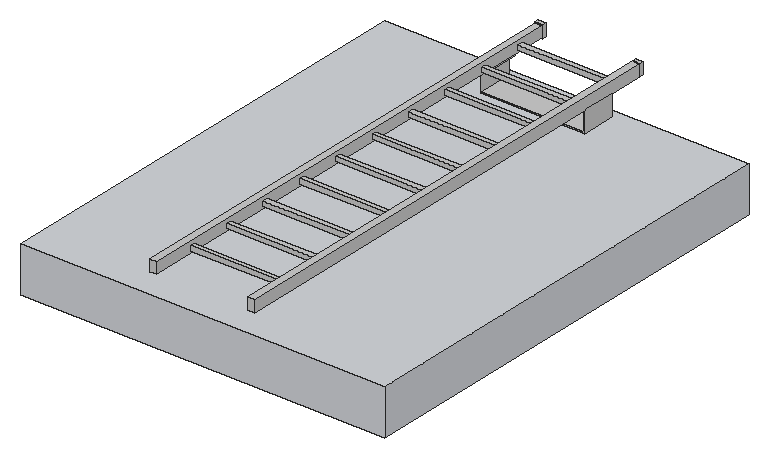
Revit family
Parameters (values of type "24in Width")
  numrungcalcd [instance] = if(FF to Top of Decking - Ladder Base Offset - ((numrungcalcc - 1) * 1' 0") > 1' 2", numrungcalcc + 1, numrungcalcc)  # 10
  numrungcalcc [instance] = (FF to Top of Decking - Ladder Base Offset) / 1' 0"  # 10
  numrungcalca [instance] = FF to Top of Decking - Ladder Base Offset - ((numrungcalcc - 1) * 1' 0")  # 1' - 0"
  Warranty Duration (Years) = 0
  Unit Width_Outside Frame [instance] = if(1 = 1, Unit Width + (0' 1 3/4" * 2), 0' 0")  # 2' - 3 1/2"
  Unit Width = 2' - 0"
  Unit Height [instance] = FF to Top of Decking + 0' 8" - Ladder Base Offset  # 10' - 8"
  URL = "http://www.okeeffes.com/"
  Top Decking to Top Bracket CL [instance] = 0' - 6 5/8"  # constant formula
  Test Data = ""
  Standards Conformance = "OSHA 1910.27"
  Specification = ""
  SpecWizard = ""
  Send Message = ""
  Sales Information = "http://www.okeeffes.com/contact-us.php"
  Revision = "R1_2015-11"
  Projection from Host [instance] = 0' - 7"
  Product Properties = ""
  Product Data = "http://www.arcat.com/arcatcos/cos34/arc34555.html"
  Number of Rungs [instance] = numrungcalcd  # 10
  Model = "Model 501"
  Manufacturer Website = "http://www.okeeffes.com/"
  Manufacturer Phone - Toll Free = "888-653-3333"
  Manufacturer Phone = "415-822-4222"
  Manufacturer Fax = "415-822-5222"
  Manufacturer Address = "100 N. Hill Dr.   Suite 12   Brisbane, CA 94005"
  Manufacturer = "O'Keeffe's, Inc"
  Maintenance Schedule (Months) = 0
  Ladder_Off Floor Mounted [instance] = not(Ladder_Floor Mounted)  # no
  Ladder_Floor Mounted [instance] = yes
  Ladder Base Offset [instance] = if(Ladder_Floor Mounted, 0' 0", 0' 4")  # 0' - 0"
  Keynote = "05515"
  Installation-Fabrication = ""
  Installation Phase = ""
  Include Security Door [instance] = no
  Green Building-LEED = ""
  Frame Finish [instance] = Metal - Aluminum - O'Keeffe's - Standard Mill
  FF to Top of Decking [instance] = 10' - 0"
  FF to Bottom Rung CL [instance] = FF to Top of Decking - ((Number of Rungs - 1) * 1' 0") - 0' 0 5/8"  # 0' - 11 3/8"
  FF to Bottom Bracket CL [instance] = 0' - 11"
  Expected Lifespan (Years) = 0
  Drawn By = "Sumex Design, Inc. / Robert S. Weygant, CSI, CDT, SCIP"
  Description = "O'Keeffe's Model 501 Access Ladder - 24in Width as Specified"
  Default Elevation = 0' - 0"
  Copyright = "©Arcat Inc."
  Construction Details = ""
  Capacity = "1500 lbs per Rung"
  Building Codes = ""
  Available Options [instance] = "[Intermediate Brackets][Extended Intermediate Brackets][Fall Arrest System][Safety Post for Roof Hatch]"
  Assembly Code = "B1010700"
Types (2): name | Unit Width_Outside Frame | Unit Width | Description
  24in Width | 2' - 3 1/2" | 2' - 0" | "O'Keeffe's Model 501 Access Ladder - 24in Width as Specified"
  18.375in Width | 1' - 9 7/8" | 1' - 6 3/8" | "O'Keeffe's Model 501 Access Ladder - 18.375in Width as Specified"
Reference planes (in)
  plane 1 "SecDoor": y = 47.5395
  plane 2: z = 0
  plane 3 "Center (Left/Right)": x = 0
  plane 4: x = -12
  plane 5: x = 12
  plane 6 "Ladder CL": z = 7
  plane 7 "FF": y = -46.4605
  plane 8 "Deck Level": y = 73.5395
  plane 9: y = 81.5395
  plane 10: y = -46.4605
  plane 11: y = 72.9145
  plane 12: y = 66.9145
  plane 13: y = -35.4605
Forms (in)
  Extrusion 1, solid
    sketch origin (0, 0, 0) x (1, 0, 0) y (0, 1, 0)
      loop
        line (-48, 73.5395) -> (-48, -46.4605) -> (48, -46.4605) -> (48, 73.5395) -> (-48, 73.5395)
    from 0 to -12
  Extrusion 2, solid, material "Metal - Aluminum - O'Keeffe's - Standard Mill" <- "Frame Finish"
    sketch origin (0, 47.5395, 0) x (1, 0, 0) y (0, 0, 1)
      loop
        line (-12, 5.5) -> (-12, 8.5) -> (-13.75, 8.5) -> (-13.75, 5.5) -> (-12, 5.5)
      loop
        line (12, 5.5) -> (13.75, 5.5) -> (13.75, 8.5) -> (12, 8.5) -> (12, 5.5)
    from -34 to 94
  Extrusion 3, solid, material "Metal - Aluminum - O'Keeffe's - Standard Mill" <- "Frame Finish"
    sketch origin (0, 66.9145, -2.26987) x (0, 0, -1) y (1, 0, 0)
      loop
        line (-7.76987, -12) -> (-7.76987, -13.75) -> (-2.26987, -13.75) -> (-2.26987, 13.75) -> (-7.76987, 13.75) -> (-7.76987, 12) -> (-7.58237, 12) -> (-7.58237, 13.5625) -> (-2.45737, 13.5625) -> (-2.45737, -13.5625) -> (-7.58237, -13.5625) -> (-7.58237, -12) -> (-7.76987, -12)
    from -4.5 to 4.5
  Extrusion 4, solid, material "Metal - Aluminum - O'Keeffe's - Standard Mill" <- "Frame Finish", visible <- "Ladder_Off Floor Mounted"
    sketch origin (0, -35.4605, 13.06054) x (0, 0, 1) y (1, 0, 0)
      loop
        line (-7.56054, -12) -> (-7.74804, -12) -> (-7.74804, -13.5625) -> (-12.87304, -13.5625) -> (-12.87304, 13.5625) -> (-7.74804, 13.5625) -> (-7.74804, 12) -> (-7.56054, 12) -> (-7.56054, 13.75) -> (-13.06054, 13.75) -> (-13.06054, -13.75) -> (-7.56054, -13.75) -> (-7.56054, -12)
    from -4.5 to 4.5
  Extrusion 5, solid, material "Metal - Aluminum - O'Keeffe's - Standard Mill" <- "Frame Finish"
    sketch origin (-15.17702, -180, 7) x (-1, 0, 0) y (0, -1, 0)
      loop
        line (-2.67702, -261.5395) -> (-1.30202, -261.5395) -> (-1.30202, -260.5395) -> (-3.30202, -260.5395) -> (-3.30202, -261.5395) -> (-2.67702, -261.5395)
      loop
        line (-27.67702, -261.5395) -> (-27.05202, -261.5395) -> (-27.05202, -260.5395) -> (-29.05202, -260.5395) -> (-29.05202, -261.5395) -> (-27.67702, -261.5395)
    from -1.625 to 1.625
  Extrusion 6, solid, material "Metal - Aluminum - O'Keeffe's - Standard Mill" <- "Frame Finish", visible <- "Include Security Door"
    sketch origin (-26.52564, -46.4605, 48) x (1, 0, 0) y (0, 0, 1)
      loop
        line (40.27564, -39.25) -> (12.52564, -39.25) -> (12.52564, -40.25) -> (12.77564, -40.25) -> (12.77564, -48) -> (40.27564, -48) -> (40.27564, -39.25)
    from -4 to -94
Cuts and joins
  joined: Extrusion 2, Extrusion 5
Lines and regions (in)
  model lines, style "GenericModelHiddenLines", visible <- "Include Security Door"
    curve 1: line (13.75, 47.5395, 8.75) -> (-14, 2.5395, 8.75)
    curve 2: line (-14, 2.5395, 8.75) -> (13.75, -42.4605, 8.75)
Dimensions and locks (in)
  "Projection from Host": plane 6 "Ladder CL" to level
  equal spacing: plane 4, plane 3 "Center (Left/Right)", plane 5
  "Unit Width": plane 4 to plane 5
  "FF to Top of Decking": plane 7 "FF" to plane 8 "Deck Level"
  "Unit Height": plane 9 to plane 10
  "Ladder Base Offset": plane 10 to plane 7 "FF"
  locked: plane 8 "Deck Level" to plane 11 at 0.625
  equal spacing: group 1, group 2, group 3, group 4, group 5, group 6, group 7, group 8, group 9, group 10  (x2)
  equal spacing: group 10, group 9, group 8, group 7, group 6, group 5, group 4, group 3, group 2, group 1
  locked: nested 1 to nested 2 at 12
  "Top Decking to Top Bracket CL": plane 12 to plane 8 "Deck Level"
  "FF to Bottom Bracket CL": plane 10 to plane 13
  plane 4 to Extrusion 3 sketch curve to Extrusion 3 sketch curve = 0' - 1 9/16" locked, 0' - 0 3/16" locked
  Extrusion 3 sketch curve to Extrusion 3 sketch curve to plane 5 = 0' - 0 3/16" locked, 0' - 1 9/16" locked
  plane 4 to Extrusion 4 sketch curve to Extrusion 4 sketch curve = 0' - 1 9/16" locked, 0' - 0 3/16" locked
  Extrusion 4 sketch curve to Extrusion 4 sketch curve to plane 5 = 0' - 0 3/16" locked, 0' - 1 9/16" locked
  Extrusion 5 sketch curve to plane 4 to Extrusion 5 sketch curve = 0' - 1 7/8" locked, 0' - 0 1/8" locked
  Extrusion 5 sketch curve to plane 5 to Extrusion 5 sketch curve = 0' - 0 1/8" locked, 0' - 1 7/8" locked
  locked: plane 7 "FF" to plane 1 "SecDoor" at 94
  locked: plane 4 to Extrusion 6 sketch curve at 2
  locked: Extrusion 6 sketch curve to plane 6 "Ladder CL" at 1.75
  locked: Extrusion 6 sketch curve to plane 6 "Ladder CL" at 0.75
  locked: plane 4 to Extrusion 6 sketch curve at 1.75
  locked: Extrusion 6 sketch curve to plane 5 at 1.75
  locked: plane 4 to Extrusion 2 sketch curve at 1.75
  locked: Extrusion 2 sketch curve to plane 5 at 1.75
  aligned and locked: plane 2 to Extrusion 1
  aligned and locked: level to Extrusion 1
  aligned and locked: Extrusion 2 to plane 10
  aligned and locked: plane 9 to Extrusion 2
  aligned and locked: plane 6 "Ladder CL" to nested 1
  aligned and locked: plane 3 "Center (Left/Right)" to nested 1
  aligned and locked: nested 1 to plane 11
  aligned and locked: Extrusion 3 sketch curve to plane 5
  aligned and locked: Extrusion 3 sketch curve to plane 4
  aligned and locked: plane 6 "Ladder CL" to nested 10
  aligned and locked: Extrusion 4 sketch curve to plane 4
  aligned and locked: Extrusion 4 sketch curve to plane 5
  aligned and locked: Extrusion 6 to plane 1 "SecDoor"
Automatic sketch dimensions
  Extrusion 1 sketch curve to Extrusion 1 sketch curve = 8' - 0"
  Extrusion 1 sketch curve to Extrusion 1 sketch curve = 10' - 0"
  curve 2 to Extrusion 6 = 0' - 0"  (x2)
  curve 1 to Extrusion 6 = 0' - 0"  (x2)
  Extrusion 6 to curve 1 = 0' - 0"
  Extrusion 6 to curve 2 = 3' - 9"
  Extrusion 2 sketch curve to plane 4 = 0' - 0"
  Extrusion 2 sketch curve to plane 5 = 0' - 0"
  Extrusion 2 sketch curve to plane 6 "Ladder CL" = 0' - 1 1/2"  (x2)
  plane 6 "Ladder CL" to Extrusion 2 sketch curve = 0' - 1 1/2"  (x2)
  Extrusion 5 sketch curve to plane 9 = 0' - 0"  (x2)
  plane 5 to Extrusion 5 sketch curve = 0' - 0 1/2"
  Extrusion 5 sketch curve to plane 4 = 0' - 0 1/2"
  Extrusion 5 sketch curve to plane 9 = 0' - 1"  (x2)
  Extrusion 6 sketch curve to level = 0' - 0"
  Extrusion 4 sketch curve to level = 0' - 0"
  level to Extrusion 4 sketch curve = 0' - 0 3/16"
  Extrusion 4 sketch curve to plane 6 "Ladder CL" = 0' - 1 11/16"  (x2)
  Extrusion 4 sketch curve to Extrusion 4 sketch curve = 0' - 0 3/16"  (x2)
  Extrusion 3 sketch curve to level = 0' - 0"
  level to Extrusion 3 sketch curve = 0' - 0 3/16"
  Extrusion 3 sketch curve to plane 6 "Ladder CL" = 0' - 1 11/16"  (x2)
  Extrusion 3 sketch curve to Extrusion 3 sketch curve = 0' - 0 3/16"  (x2)
Nested families (in)
  nested 1: "Square Rung" at (0, 72.9145, 7) x (0, 1, 0) z (0, 0, 1), rung width <- "Unit Width", finish <- "Frame Finish", type "Square Rung"
    with rung width 2' - 0", finish Metal - Aluminum - O'Keeffe's - Standard Mill
  nested 2: "Square Rung" at (0, 60.9145, 7) x (0, 1, 0) z (0, 0, 1), rung width <- "Unit Width", finish <- "Frame Finish", type "Square Rung"
    with rung width 2' - 0", finish Metal - Aluminum - O'Keeffe's - Standard Mill
  nested 3: "Square Rung" at (0, 48.9145, 7) x (0, 1, 0) z (0, 0, 1), rung width <- "Unit Width", finish <- "Frame Finish", type "Square Rung"
    with rung width 2' - 0", finish Metal - Aluminum - O'Keeffe's - Standard Mill
  nested 4: "Square Rung" at (0, 36.9145, 7) x (0, 1, 0) z (0, 0, 1), rung width <- "Unit Width", finish <- "Frame Finish", type "Square Rung"
    with rung width 2' - 0", finish Metal - Aluminum - O'Keeffe's - Standard Mill
  nested 5: "Square Rung" at (0, 24.9145, 7) x (0, 1, 0) z (0, 0, 1), rung width <- "Unit Width", finish <- "Frame Finish", type "Square Rung"
    with rung width 2' - 0", finish Metal - Aluminum - O'Keeffe's - Standard Mill
  nested 6: "Square Rung" at (0, 12.9145, 7) x (0, 1, 0) z (0, 0, 1), rung width <- "Unit Width", finish <- "Frame Finish", type "Square Rung"
    with rung width 2' - 0", finish Metal - Aluminum - O'Keeffe's - Standard Mill
  nested 7: "Square Rung" at (0, 0.9145, 7) x (0, 1, 0) z (0, 0, 1), rung width <- "Unit Width", finish <- "Frame Finish", type "Square Rung"
    with rung width 2' - 0", finish Metal - Aluminum - O'Keeffe's - Standard Mill
  nested 8: "Square Rung" at (0, -11.0855, 7) x (0, 1, 0) z (0, 0, 1), rung width <- "Unit Width", finish <- "Frame Finish", type "Square Rung"
    with rung width 2' - 0", finish Metal - Aluminum - O'Keeffe's - Standard Mill
  nested 9: "Square Rung" at (0, -23.0855, 7) x (0, 1, 0) z (0, 0, 1), rung width <- "Unit Width", finish <- "Frame Finish", type "Square Rung"
    with rung width 2' - 0", finish Metal - Aluminum - O'Keeffe's - Standard Mill
  nested 10: "Square Rung" at (0, -35.0855, 7) x (0, 1, 0) z (0, 0, 1), rung width <- "Unit Width", finish <- "Frame Finish", type "Square Rung"
    with rung width 2' - 0", finish Metal - Aluminum - O'Keeffe's - Standard Mill
Definition of nested family "Square Rung"
  Parameters (values of type "Square Rung")
    rung width [instance] = 2' - 4"
    finish [instance] = none
    Assembly Code = ""
  Reference planes (in)
    plane 1 "Center (Front/Back)": y = 0
    plane 2: z = 0
    plane 3 "Center (Left/Right)": x = 0
    plane 4: y = 14
    plane 5: y = -14
  Forms (in)
    Extrusion 1, solid, material <- "finish"
      sketch origin (0, 0, 0) x (0, -1, 0) y (1, 0, 0)
        loop
          line (-14, 0.625) -> (-14, -0.625) -> (14, -0.625) -> (14, 0.625) -> (-14, 0.625)
      from 0.625 to -0.625
  Dimensions and locks (in)
    equal spacing: plane 5, plane 1 "Center (Front/Back)", plane 4
    "rung width": plane 5 to plane 4
    aligned and locked: plane 2 to level
  Automatic sketch dimensions
    plane 4 to Extrusion 1 sketch curve = 0' - 0"
    plane 5 to Extrusion 1 sketch curve = 0' - 0"
    Extrusion 1 sketch curve to plane 3 "Center (Left/Right)" = 0' - 0 5/8"
    plane 3 "Center (Left/Right)" to Extrusion 1 sketch curve = 0' - 0 5/8"
